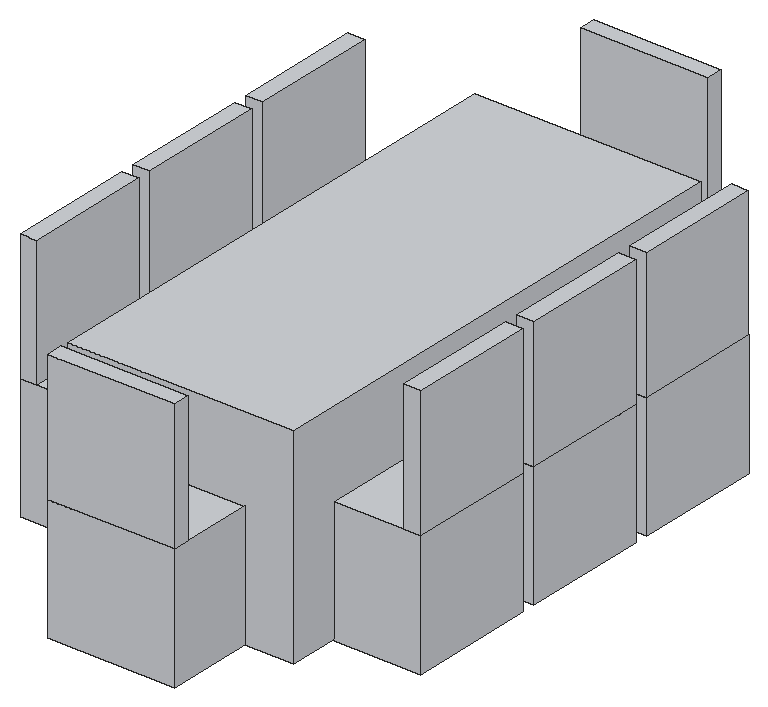
Revit family "LE Table", category Furniture, Revit 2018
Family settings
  OmniClass Number = 23.40.20.00
  OmniClass Title = General Furniture and Specialties
  Work Plane-Based = No
  Always vertical = Yes
  Cut with Voids When Loaded = No
  Shared = No
  Room Calculation Point = No
Parameters (values of type "800x1800mm 8 Person")
  Width = 800 mm
  URL = "https://studiole.uk"
  Seats at Head = yes
  Manufacturer = "LE"
  Length = 1800 mm
  Height = 740 mm
  Circulation Right [instance] = yes
  Circulation Head [instance] = yes
  Circulation Foot [instance] = yes
  Circulation Space = 750 mm
  Circulation Left [instance] = yes
  Frame Material = none
  Chairs per Side = 3
  Chair Pull = 250 mm
  Chair Offset = 400 mm
  Chair Material = none
Types (7, lengths in mm): name | Seats at Head | Manufacturer | Length | Circulation Head | Circulation Foot | Chairs per Side | Chair Offset
  800x1200mm 4 Person | no | "LE" | 1200 | no | no | 2 | 350
  800x1800mm 8 Person | yes | "LE" | 1800 | yes | yes | 3 | 400
  800x1500mm 6 Person | yes | "LE" | 1500 | yes | yes | 2 | 450
  800x800mm 2 Person | no | "LE" | 800 | no | no | 2 | 400
  800x2300mm 10 Person | yes | "LE" | 2300 | yes | yes | 4 | 400
  800x2800mm 12 Person | yes | "LE" | 2800 | yes | yes | 5 | 400
  800x1650mm 8 Person | yes | "StudioLE" | 1650 | yes | yes | 3 | 350
Reference planes
  plane 1 "Center (Front/Back)": y = 0
  plane 2: z = 0
  plane 3 "Center (Left/Right)": x = 0
  plane 4 "Left": x = -400
  plane 5 "Right": x = 400
  plane 6 "Foot": y = -900
  plane 7 "Head": y = 900
  plane 8: x = -1150
  plane 9: x = 1150
  plane 10 "Foot Circulation": y = -1650
  plane 11 "Height": z = 740
  plane 12 "Chair 1": y = 500
  plane 13 "Chair 2": y = -500
  plane 14 "Head Circulation": y = 1575
Forms (mm)
  Extrusion 1, solid, material <- "Frame Material"
    sketch origin (0, 0, 0) x (1, 0, 0) y (0, 1, 0)
      loop
        line (-400, 900) -> (-400, -900) -> (400, -900) -> (400, 900) -> (-400, 900)
    from 0 to 740 <- "Height"
Lines and regions (mm)
  model lines, style "FurnitureHiddenLines", visible <- "Circulation Left"
    curve 1: line (-1150, 900, 0) -> (-1150, -900, 0)
  model lines, style "FurnitureHiddenLines", visible <- "Circulation Right"
    curve 2: line (1150, 900, 0) -> (1150, -900, 0)
  model lines, style "FurnitureHiddenLines", visible <- "Circulation Foot"
    curve 3: line (-400, -1650, 0) -> (400, -1650, 0)
    curve 4: arc (-1150, -900, 0) -> (-930.33, -1430.33, 0) -> (-400, -1650, 0) r 750
    curve 5: arc (400, -1650, 0) -> (930.33, -1430.33, 0) -> (1150, -900, 0) r 750
  model lines, style "FurnitureHiddenLines", visible <- "Circulation Head"
    curve 6: line (-400, 1650, 0) -> (400, 1650, 0)
    curve 7: arc (-1150, 900, 0) -> (-930.33, 1430.33, 0) -> (-400, 1650, 0) r 750
    curve 8: arc (400, 1650, 0) -> (930.33, 1430.33, 0) -> (1150, 900, 0) r 750
Dimensions and locks
  "Length": plane 7 "Head" to plane 6 "Foot"
  equal spacing: plane 7 "Head", plane 1 "Center (Front/Back)", plane 6 "Foot"
  "Width": plane 4 "Left" to plane 5 "Right"
  equal spacing: plane 4 "Left", plane 3 "Center (Left/Right)", plane 5 "Right"
  "Circulation Space": plane 8 to plane 4 "Left"
  "Circulation Space": plane 5 "Right" to plane 9
  "Circulation Space": plane 6 "Foot" to plane 10 "Foot Circulation"
  "Height": plane 11 "Height" to plane 2
  "Chair Pull": nested 1 to plane 7 "Head"
  "Chair Pull": nested 2 to plane 4 "Left"
  "Chair Offset": plane 7 "Head" to plane 12 "Chair 1"
  "Chair Offset": plane 6 "Foot" to plane 13 "Chair 2"
  "Chair Pull": nested 3 to Extrusion 1
  "Chair Offset": nested 2 to plane 7 "Head"
  equal spacing: group 1, group 5, group 2  (x2)
  equal spacing: group 2, group 5, group 1
  "Chair Offset": nested 4 to plane 6 "Foot"
  "Chair Pull": nested 4 to plane 4 "Left"
  "Chair Offset": plane 7 "Head" to nested 5
  equal spacing: group 3, group 6, group 4  (x2)
  equal spacing: group 4, group 6, group 3
  "Chair Offset": plane 6 "Foot" to nested 6
  "Chair Pull": plane 5 "Right" to nested 5
  "Chair Pull": plane 5 "Right" to nested 6
  aligned and locked: level to plane 2
Automatic sketch dimensions
  Extrusion 1 sketch curve to plane 4 "Left" = 0 mm
  Extrusion 1 sketch curve to plane 5 "Right" = 0 mm
  Extrusion 1 sketch curve to plane 6 "Foot" = 0 mm
  Extrusion 1 sketch curve to plane 7 "Head" = 0 mm
  curve 1 to plane 8 = 0 mm
  curve 3 to plane 4 "Left" = 0 mm
  curve 7 to plane 4 "Left" = 0 mm
  curve 6 to plane 5 "Right" = 0 mm
  curve 3 to plane 5 "Right" = 0 mm
  curve 2 to plane 6 "Foot" = 0 mm
  curve 2 to plane 9 = 0 mm
  curve 8 to plane 7 "Head" = 0 mm
Nested families
  nested 1: "LE Chair" at (0, 985, 0), visible <- "Seats at Head", type "LE Chair"
  nested 2: "LE Chair" at (-485, 500, 0) x (0, 1, 0) z (0, 0, 1), type "LE Chair"
  nested 3: "LE Chair" at (0, -985, 0), visible <- "Seats at Head", type "LE Chair"
  nested 4: "LE Chair" at (-485, -500, 0) x (0, 1, 0) z (0, 0, 1), type "LE Chair"
  nested 5: "LE Chair" at (485, 500, 0) x (0, 1, 0) z (0, 0, 1), type "LE Chair"
  nested 6: "LE Chair" at (485, -500, 0) x (0, 1, 0) z (0, 0, 1), type "LE Chair"
  nested 7: "LE Chair" at (-485, 0, 0) x (0, 1, 0) z (0, 0, 1), type "LE Chair"
  nested 8: "LE Chair" at (485, 0, 0) x (0, 1, 0) z (0, 0, 1), type "LE Chair"
Definition of nested family "LE Chair"
  Parameters (values of type "LE Chair")
    Width = 450 mm
    Seat Height = 440 mm
    Depth = 450 mm
    Chair Material = none
    Back Height = 900 mm
  Reference planes
    plane 1 "Center (Front/Back)": y = 0
    plane 2: z = 0
    plane 3 "Center (Left/Right)": x = 0
    plane 4 "Left": x = -225
    plane 5 "Right": x = 225
    plane 6 "Back": y = 225
    plane 7 "Front": y = -225
    plane 8 "Center L/T": y = 165
  Forms (mm)
    Extrusion 1, solid, material <- "Chair Material"
      sketch origin (0, 0, 0) x (1, 0, 0) y (0, 1, 0)
        loop
          line (-225, 225) -> (-225, -225) -> (225, -225) -> (225, 225) -> (-225, 225)
      from 0 to 440 <- "Seat Height"
    Extrusion 2, solid, material <- "Chair Material"
      sketch origin (0, 0, 0) x (1, 0, 0) y (0, 1, 0)
        loop
          line (-225, 165) -> (225, 165) -> (225, 225) -> (-225, 225) -> (-225, 165)
      from 440 <- "Seat Height" to 900 <- "Back Height"
  Dimensions and locks
    equal spacing: plane 4 "Left", plane 3 "Center (Left/Right)", plane 5 "Right"
    "Width": plane 4 "Left" to plane 5 "Right"
    "Depth": plane 7 "Front" to plane 6 "Back"
    equal spacing: plane 7 "Front", plane 1 "Center (Front/Back)", plane 6 "Back"
    plane 6 "Back" to plane 8 "Center L/T" = 60 mm
    aligned and locked: level to plane 2
  Automatic sketch dimensions
    Extrusion 1 sketch curve to plane 4 "Left" = 0 mm
    Extrusion 1 sketch curve to plane 5 "Right" = 0 mm
    plane 7 "Front" to Extrusion 1 sketch curve = 0 mm
    Extrusion 1 sketch curve to plane 6 "Back" = 0 mm
    Extrusion 2 sketch curve to plane 4 "Left" = 0 mm
    Extrusion 2 sketch curve to plane 5 "Right" = 0 mm
    Extrusion 2 sketch curve to plane 8 "Center L/T" = 0 mm
    Extrusion 2 sketch curve to plane 6 "Back" = 0 mm
